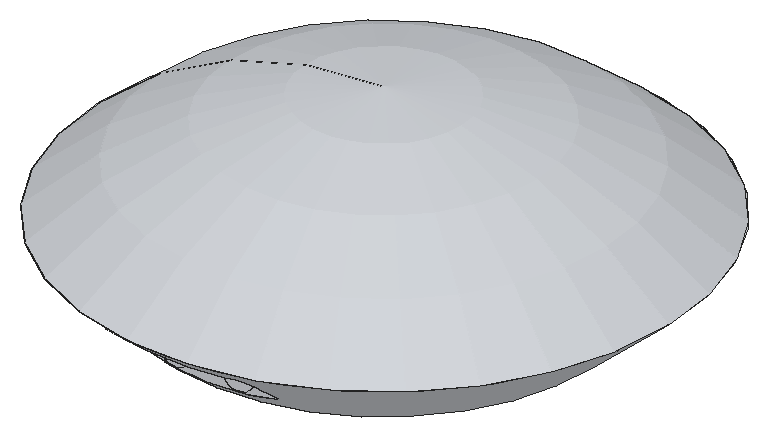
Revit family "0049256 Sylvania Lighting Fixture Start Surface IP66 2400lm 840 IK10 DALI BLK", category Lighting Fixtures, host Face, Revit 2016
Family settings
  Host = Face
  Part Type = Normal
  Round Connector Dimension = Use Diameter
  OmniClass Number = 23.80.70.00
  OmniClass Title = Lighting
  Cut with Voids When Loaded = No
  Light Source = Yes
  Shared = No
  Room Calculation Point = No
Parameters (values of type "Type Name")
  power entry width = 90 mm
  power entry height = 28 mm
  power connector height = 12.5 mm
  power connector centres = 39 mm
  height = 110 mm
  connector position 2 = 40 mm
  connector length = 2 mm
  base height = 40 mm
  backplate diameter = 256 mm
  Weight = ""
  Wattage Comments = ""
  Wattage = 9.2903 W
  WarrantyStartDate [instance] = "n/a"
  WarrantyGuarantorParts = "n/a"
  WarrantyDurationUnit = "n/a"
  WarrantyDurationParts = "n/a"
  WarrantyDescription = "n/a"
  built-in parameter 1150110 = 1 (stored number, unit not read)
  Voltage = 0 V
  URL = "http://www.feilosylvania.com"
  TypeName = ""
  Type Image = <None>
  Type Comments = "n/a"
  Tube Diameter = 80 mm
  built-in parameter 1114217 = 1 (stored number, unit not read)
  Tilt Angle = 90.00°
  built-in parameter 1150109 = 1 (stored number, unit not read)
  built-in parameter 1150134 = 3
  built-in parameter 1150113 = 1 (stored number, unit not read)
  SerialNumber [instance] = "n/a"
  Photometric Web File = "0049256.ies"
  Material_3_FEILO = none
  PowerFactor = 0
  PowerConsumption = ""
  NominalLength = 0 mm
  NominalHeight = 0 mm
  NominalDepth = 0 mm
  Name = ""
  ModelReference = Name  # ""
  ModelNumber = ""
  Model = Name  # ""
  Material = ""
  ManufacturerName = "Feilo Sylvania"
  Manufacturer = "Feilo Sylvania"
  LuminousEfficacy = ""
  built-in parameter 1150105 = 109.82 (stored number, unit not read)
  Lumens = 1380 lm
  LuminaireType = ""
  built-in parameter 1150115 = 1 (stored number, unit not read)
  LightOutputRatio = ""
  built-in parameter 1150137 = (empty or 0)
  built-in parameter 1150139 = (empty or 0)
  LampsType = Lamp  # ""
  LampNominalLuminous = ""
  LampMacAdamStep = ""
  LampColourTemperature = ""
  LampColourRenderingIndex = ""
  built-in parameter 1150112 = 1 (stored number, unit not read)
  built-in parameter 1150114 = 1 (stored number, unit not read)
  Lamp = ""
  Keynote = "16500"
  InstallationDate [instance] = "n/a"
  InputVoltage = ""
  InputNominalFrequency = ""
  built-in parameter 1150132 = (empty or 0)
  built-in parameter 1150102 = (empty or 0)
  built-in parameter 1150107 = 3200 (stored number, unit not read)
  built-in parameter 1150138 = (empty or 0)
  IngressProtection = ""
  ImpactProtectionIndex = ""
  built-in parameter 1150106 = 1.0982 (stored number, unit not read)
  IfcExportType = "IfcLightFixtureType"
  IfcExportAs = "IfcLightFixtureType"
  Height = 250 mm
  ExpectedLife = 50000
  Emit from Circle Diameter = 609.6 mm
  Emit Shape Visible in Rendering = no
  ElectricShockClassification = ""
  built-in parameter 1150104 = 13.8 (stored number, unit not read)
  DurationUnit = "hours"
  DocumentationLiterature = ""
  DimmingControlOptions = ""
  Material_2_FEILO = none
  Dimming Lamp Color Temperature Shift = <None>
  Diameter = 350 mm
  Description = ""
  Default Elevation = 1219.2 mm
  CreatedOn = ""
  CreatedBy = ""
  Cost = 0
  Color Filter = 16777215
  built-in parameter 1114216 [instance] = (empty or 0)
  ClassificationValue = "EF_70_80"
  ClassificationName = "Uniclass2015"
  Material_1_FEILO = none
  BarCode [instance] = "n/a"
  built-in parameter 1114218 = 1 (stored number, unit not read)
  built-in parameter 1150133 = 10 (stored number, unit not read)
  AssetType = ""
  AssetIdentifier [instance] = "n/a"
  Assembly Code = "D5020200"
  Apparent Load = 0 VA
  Material_4_FEILO = none
Reference planes
  plane 1 "Center (Front/Back)": y = 0
  plane 2: z = 0
  plane 3 "Center (Left/Right)": x = 0
  plane 4: z = 0
  plane 5: y = 128
  plane 6: y = -128
  plane 7: y = 175
  plane 8: y = -175
  plane 9: z = 40
  plane 10: z = 110
  plane 11: x = -45.686
  plane 12: x = 44.314
  plane 13: z = 5
  plane 14: z = 33
  plane 15: y = -135
  plane 16: x = 19.5
  plane 17: x = -19.5
  plane 18: z = 20.5
  plane 19: y = -137
  plane 20: y = 135
Forms (mm)
  Blend 1, solid, detail levels medium+fine
    base sketch origin (4.2, 0, 0) x (1, 0, 0) y (0, 1, 0)
      loop
        circle (-4.2, 0) r 128
    top sketch origin (4.2, 0, 0) x (1, 0, 0) y (0, 1, 0)
      loop
        circle (-4.2, 0) r 175
    from 0 to 40
  Revolve 2, solid, detail levels medium+fine
    sketch origin (0, 0, 0) x (1, 0, 0) y (0, 0, 1)
      loop
        arc (175, 40) -> (94.148, 91.621) -> (0, 110) r 257.018
        line (0, 110) -> (0, 40) -> (175, 40)
      axis (0, 110) -> (0, 40)
    angle from -180 to 179.914
  Extrusion 3, void
    sketch origin (0, 0, 0) x (1, 0, 0) y (0, 0, 1)
      loop
        line (-45.686, 25.025) -> (-45.686, 5) -> (44.314, 5) -> (44.314, 25.025)
        arc (44.314, 25.025) -> (42.644, 30.018) -> (38.304, 33) r 8.297
        line (38.304, 33) -> (-39.676, 33)
        arc (-39.676, 33) -> (-44.015, 30.018) -> (-45.686, 25.025) r 8.297
    from 135 to 166.869
  Extrusion 4, solid, detail levels fine
    sketch origin (1524, -324.9, 1219.2) x (1, 0, 0) y (0, 0, 1)
      loop
        circle (-1504.5, -1198.7) r 11
      loop
        circle (-1543.5, -1198.7) r 11
    from -189.9 to -187.9
  Extrusion 5, void
    sketch origin (-0.686, -5.131, 0) x (-1, 0, 0) y (0, 0, 1)
      loop
        line (-45.686, 25.025) -> (-45.686, 5) -> (44.314, 5) -> (44.314, 25.025)
        arc (44.314, 25.025) -> (42.644, 30.018) -> (38.304, 33) r 8.297
        line (38.304, 33) -> (-39.676, 33)
        arc (-39.676, 33) -> (-44.015, 30.018) -> (-45.686, 25.025) r 8.297
    from 140.131 to 175.131
  Extrusion 6, solid
    sketch origin (1524, -52.9, 1219.2) x (1, 0, 0) y (0, 0, 1)
      loop
        circle (-1504.5, -1198.7) r 11
      loop
        circle (-1543.5, -1198.7) r 11
    from -189.9 to -187.9
  Extrusion 7, solid, detail levels coarse
    sketch origin (0, 1219.2, 38) x (1, 0, 0) y (0, 1, 0)
      loop
        line (175.117, -1396.13) -> (175.117, -1044.2) -> (-175, -1044.2) -> (-175, -1396.13) -> (175.117, -1396.13)
    from -38 to 72
Cuts and joins
  Extrusion 3, Extrusion 5 cuts Blend 1
  Extrusion 5 cuts Extrusion 4
Dimensions and locks
  "backplate diameter": plane 5 to plane 6
  equal spacing: plane 5, plane 1 "Center (Front/Back)", plane 6
  "Diameter": plane 7 to plane 8
  equal spacing: plane 7, plane 1 "Center (Front/Back)", plane 8
  "base height": plane 9 to level
  "height": plane 10 to host face
  "power entry width": plane 12 to plane 11
  plane 12 to imposter light to plane 11 = 44.201 mm, 45.799 mm
  "power entry height": plane 14 to plane 13
  "power connector centres": plane 17 to plane 16
  equal spacing: plane 17, plane 3 "Center (Left/Right)", plane 16
  "power connector height": plane 18 to plane 14
  "connector length": plane 15 to plane 19
  "connector position 2": plane 7 to plane 20
  aligned and locked: plane 2 to host face
  aligned and locked: level to host face
  aligned and locked: plane 10 to Extrusion 7
Automatic sketch dimensions
  host sketch curve to host sketch curve = 2438.4 mm  (x2)
  plane 1 "Center (Front/Back)" to Blend 1 sketch curve = 0 mm  (x2)
  Blend 1 sketch curve to plane 3 "Center (Left/Right)" = 0 mm  (x2)
  Revolve 2 sketch curve to plane 3 "Center (Left/Right)" = 0 mm  (x2)
  Revolve 2 sketch curve to plane 9 = 0 mm
  Revolve 2 sketch curve to plane 10 = 0 mm
  Revolve 2 sketch curve to plane 3 "Center (Left/Right)" = 1.306 mm
  plane 3 "Center (Left/Right)" to Revolve 2 sketch curve = 175 mm
  Revolve 2 sketch curve to level = 47.821 mm
  Revolve 2 sketch curve to Revolve 2 sketch curve = 80 mm
  Extrusion 3 sketch curve to plane 11 = 0 mm
  Extrusion 3 sketch curve to plane 14 = 0 mm
  Extrusion 3 sketch curve to plane 12 = 0 mm
  Extrusion 3 sketch curve to plane 13 = 0 mm
  plane 11 to Extrusion 3 sketch curve = 6.01 mm
  plane 18 to Extrusion 3 sketch curve = 4.525 mm  (x2)
  Extrusion 3 sketch curve to Extrusion 3 sketch curve = 8.297 mm
  plane 17 to Extrusion 4 sketch curve = 0 mm
  plane 16 to Extrusion 4 sketch curve = 0 mm
  Extrusion 4 sketch curve to plane 18 = 0 mm  (x2)
  Extrusion 5 sketch curve to plane 13 = 0 mm
  Extrusion 5 sketch curve to plane 14 = 0 mm
  plane 12 to Extrusion 5 sketch curve = 0.686 mm
  Extrusion 5 sketch curve to plane 12 = 5.324 mm
  plane 18 to Extrusion 5 sketch curve = 4.525 mm
  plane 11 to Extrusion 5 sketch curve = 8.982 mm
  plane 11 to Extrusion 5 sketch curve = 6.696 mm
  plane 11 to Extrusion 5 sketch curve = 0.686 mm
  plane 17 to Extrusion 6 sketch curve = 0 mm
  plane 16 to Extrusion 6 sketch curve = 0 mm
  Extrusion 6 sketch curve to plane 18 = 0 mm  (x2)
  Extrusion 7 sketch curve to plane 8 = 1.93 mm
  Extrusion 7 sketch curve to plane 11 = 129.314 mm
  plane 12 to Extrusion 7 sketch curve = 130.802 mm
  plane 5 to Extrusion 7 sketch curve = 47 mm
  radius of Blend 1 sketch curve = 128 mm
  radius of Blend 1 sketch curve = 175 mm
  radius of Extrusion 4 sketch curve = 11 mm  (x2)
  radius of Extrusion 6 sketch curve = 11 mm  (x2)
Connectors
  electrical at (19.5, 137, 20.5)
    settings: on Extrusion 6, index 1, voltage 0 V, apparent load 0 VA, apparent load phase1 0 VA, apparent load phase2 0 VA, apparent load phase3 0 VA, power factor 1, load classification "Other", number of poles 1, system type 31, power factor state 1, is connector primary yes, connector utility no, sub classification motor no, connector description ""
